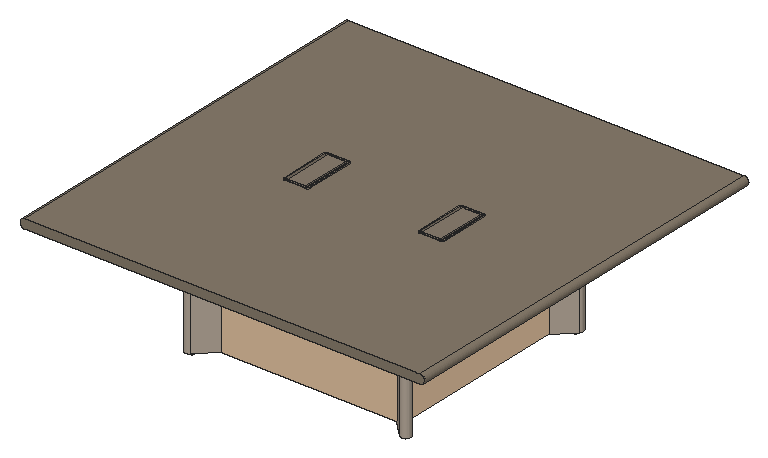
Revit family "Table-Teknion-CFSBFN_Figure_Table_Square_Gable_Enclosed_Base_Bullnose_Flat_Edge-R2023", category Furniture, Revit 2023
Family settings
  OmniClass Number = 23.40.20.00
  OmniClass Title = General Furniture and Specialties
  Work Plane-Based = No
  Enable Cutting in Views = No
  Always vertical = Yes
  Cut with Voids When Loaded = No
  Render Appearance Source = Family Geometry
  Shared = Yes
  Room Calculation Point = No
Parameters (values of type "Figure Table, Square, Gable Enclosed Base, Bullnose Flat Edge")
  Warranty = "http://www.teknion.com/ca/papers/legal-canada"
  Void Gap [instance] = if(Size > 66.000", 26.250", if(Size = 66.000", 23.500", 10.000"))  # 26.250"
  Unit Weight URL = "http://www.teknion.com/ca/tools/assets#&asset=bee6a381-b954-425e-8283-5a2de3a804f2,f828d448-4b62-4231-9e5f-9a8991c0ed77"
  URL = "www.teknion.com"
  Top Finish [instance] = Veneer -Teknion - UX - Rustic Oak - Brindle
  To render please download texture images found here [instance] = "https://assets.teknion.com/web/5e81352c1dfdb467/revit-material-swatches/"
  Sustainability Data = "https://www.teknion.com/ca/tools/assets#&topic=216f99a5-57a0-44fc-b10a-9dee9b29ae4c&asset=444deb64-fe58-4b68-981e-f75e97781df7,b4ff2d81-9f2e-437d-9659-7cffb09c31cf"
  Surface Power Access [instance] = yes
  Size [instance] = 90.000"
  Single Power Cut Out [instance] = if(Single Power, 2.250", 1.000")  # 1.000"
  Single Power [instance] = and(Surface Power Access, or(Size = 54.000", Size = 60.000"))  # no
  Series = "Custom Wood"  # constant formula
  Product Page URL = "https://www.teknion.com/ca/products/product-details?productLineId=f182336e-8e7a-673b-a6c8-ff00004460c4"
  Product Line = "Figure - Square Table"  # constant formula
  Product Documentation Link = "https://d2r72yk5wmppdj.cloudfront.net/m/7b6608f508e3c5a8/Community_Table_Cut_Sheet.pdf"
  Power Length [instance] = if(Size > 72.000", 11.820", 6.800")  # 11.820"
  Power Cover Finish [instance] = Paint - Teknion - Mica - Burnished Bronze
  Part Number = "CFSBFN"  # constant formula
  No Power Access [instance] = not(Surface Power Access)  # no
  Model = "CFSBFN__S__"
  Manufacturer Phone = "416-661-3370"  # constant formula
  Manufacturer Fax = "416.661.4586"  # constant formula
  Manufacturer Contact Information = "http://www.teknion.com/ca/contactus"
  Manufacturer Address = "1150 Flint Road, Toronto, ON. M3J 2J5. Canada"  # constant formula
  Manufacturer = "Teknion"  # constant formula
  How To Use Teknion Materials User Guide [instance] = "https://assets.teknion.com/m/205dd0a49fa58060/original/How-to-add-a-Material-Library-and-Texture-Images-to-your-Revit-project.pdf"
  For Additional Finishes please visit [instance] = "https://assets.teknion.com/m/44a8009b046e5d47/original/Teknion_Materials_Library.zip"
  Double Power Cut out [instance] = if(Double Power, 27.500", 10.000")  # 27.500"
  Double Power [instance] = and(Surface Power Access, Size > 60.000")  # yes
  Description = "Figure Table, Square, Gable Enclosed Base, Bullnose Flat Edge"
  Default Elevation = 0.000"
  Base Finish [instance] = Veneer-Teknion-LL-Natural_Veneer_V3-Silverwash_Flat_Cut
  Base Accent Finish [instance] = Veneer - Teknion - 5N - Flintwood - White Oak
  Available Size [instance] = "48\",54\",60\",66\",72\",78\",84\",90\""  # constant formula
  Assembly Code = "E2020200"
Reference planes (in)
  plane 1 "Center Front/Back": y = 0
  plane 2: z = 0
  plane 3 "Center Left/Right": x = 0
  plane 4 "Left": x = -45
  plane 5 "Right": x = 45
  plane 6 "Back": y = 45
  plane 7 "Front": y = -45
  plane 8 "Top": z = 29
  plane 9: x = -24
  plane 10: y = -24
  plane 11: x = 24
  plane 12: y = 24
Forms (in)
  Sweep 1, solid, material "Veneer -Teknion - UX - Rustic Oak - Brindle" <- "Top Finish"
    path origin (0, 0, 0) x (1, 0, 0) y (0, 1, 0)
      loop
        line (0, 45) -> (0, -45)
    profile origin (0, 0, 0) x (1, 0, 0) y (0, 0, 1)
      loop
        arc (-44, 29) -> (-45, 28) -> (-44, 27) r 1
        line (-44, 27) -> (44, 27)
        arc (44, 27) -> (45, 28) -> (44, 29) r 1
        line (44, 29) -> (-44, 29)
  Sweep 2, solid, material "Veneer -Teknion - UX - Rustic Oak - Brindle" <- "Top Finish"
    path origin (-64.19161, 45, 48) x (-1, 0, 0) y (0, 0, 1)
      loop
        line (-64.19161, -20.5) -> (-64.19161, -21.25)
    profile origin (0, 45, 27.125) x (0, 1, 0) y (-1, 0, 0)
      loop
        line (-8, 37) -> (-82, 37) -> (-82, -37) -> (-8, -37) -> (-8, 37)
  Sweep 3, void
    path origin (-64.19161, 45, 48) x (-1, 0, 0) y (0, 0, 1)
      loop
        line (-64.19161, -20.5) -> (-64.19161, -21)
    profile origin (0, 45, 27.25) x (0, 1, 0) y (-1, 0, 0)
      loop
        line (-6, 39) -> (-84, 39) -> (-84, -39) -> (-6, -39) -> (-6, 39)
  Sweep 4, void
    path origin (-64.19161, 45, 48) x (-1, 0, 0) y (0, 0, 1)
      loop
        line (-64.19161, -48) -> (-64.19161, -20.5)
    profile origin (0, 45, 13.75) x (1, 0, 0) y (0, 1, 0)
      loop
        line (-11.75, -36.5) -> (-18.25, -36.5)
        arc (-18.25, -36.5) -> (-18.60355, -36.64645) -> (-18.75, -37) r 0.5
        line (-18.75, -37) -> (-18.75, -53)
        arc (-18.75, -53) -> (-18.60355, -53.35355) -> (-18.25, -53.5) r 0.5
        line (-18.25, -53.5) -> (-11.75, -53.5)
        arc (-11.75, -53.5) -> (-11.39645, -53.35355) -> (-11.25, -53) r 0.5
        line (-11.25, -53) -> (-11.25, -37)
        arc (-11.25, -37) -> (-11.39645, -36.64645) -> (-11.75, -36.5) r 0.5
      loop
        arc (11.75, -36.5) -> (11.39645, -36.64645) -> (11.25, -37) r 0.5
        line (11.25, -37) -> (11.25, -53)
        arc (11.25, -53) -> (11.39645, -53.35355) -> (11.75, -53.5) r 0.5
        line (11.75, -53.5) -> (18.25, -53.5)
        arc (18.25, -53.5) -> (18.60355, -53.35355) -> (18.75, -53) r 0.5
        line (18.75, -53) -> (18.75, -37)
        arc (18.75, -37) -> (18.60355, -36.64645) -> (18.25, -36.5) r 0.5
        line (18.25, -36.5) -> (11.75, -36.5)
  Sweep 5, void
    path origin (-64.19161, 45, 48) x (-1, 0, 0) y (0, 0, 1)
      loop
        line (-64.19161, -19) -> (-64.19161, -20.5)
    profile origin (0, 45, 28.25) x (0, 1, 0) y (-1, 0, 0)
      loop
        line (-39.09, 12.6987) -> (-39.09, 17.3013)
        arc (-39.09, 17.3013) -> (-39.20531, 17.57969) -> (-39.4837, 17.695) r 0.3937
        line (-39.4837, 17.695) -> (-50.5163, 17.695)
        arc (-50.5163, 17.695) -> (-50.79469, 17.57969) -> (-50.91, 17.3013) r 0.3937
        line (-50.91, 17.3013) -> (-50.91, 12.6987)
        arc (-50.91, 12.6987) -> (-50.79469, 12.42031) -> (-50.5163, 12.305) r 0.3937
        line (-50.5163, 12.305) -> (-39.4837, 12.305)
        arc (-39.4837, 12.305) -> (-39.20531, 12.42031) -> (-39.09, 12.6987) r 0.3937
      loop
        arc (-39.09, -12.6987) -> (-39.20531, -12.42031) -> (-39.4837, -12.305) r 0.3937
        line (-39.4837, -12.305) -> (-50.5163, -12.305)
        arc (-50.5163, -12.305) -> (-50.79469, -12.42031) -> (-50.91, -12.6987) r 0.3937
        line (-50.91, -12.6987) -> (-50.91, -17.3013)
        arc (-50.91, -17.3013) -> (-50.79469, -17.57969) -> (-50.5163, -17.695) r 0.3937
        line (-50.5163, -17.695) -> (-39.4837, -17.695)
        arc (-39.4837, -17.695) -> (-39.20531, -17.57969) -> (-39.09, -17.3013) r 0.3937
        line (-39.09, -17.3013) -> (-39.09, -12.6987)
  Sweep 6, solid, material "Paint - Teknion - Mica - Burnished Bronze" <- "Power Cover Finish", visible <- "Double Power"
    path origin (0, 0, 0) x (1, 0, 0) y (0, 1, 0)
      loop
        line (17.3013, 5.91) -> (12.6987, 5.91)
        arc (12.6987, 5.91) -> (12.42031, 5.79469) -> (12.305, 5.5163) r 0.3937
        line (12.305, 5.5163) -> (12.305, -5.5163)
        arc (12.305, -5.5163) -> (12.42031, -5.79469) -> (12.6987, -5.91) r 0.3937
        line (12.6987, -5.91) -> (17.3013, -5.91)
        arc (17.3013, -5.91) -> (17.57969, -5.79469) -> (17.695, -5.5163) r 0.3937
        line (17.695, -5.5163) -> (17.695, 5.5163)
        arc (17.695, 5.5163) -> (17.57969, 5.79469) -> (17.3013, 5.91) r 0.3937
    profile origin (15, 5.91, 0) x (0, -1, 0) y (0, 0, 1)
      loop
        line (-0.005, 27.5) -> (0.18494, 27.5) -> (0.18494, 28.2441) -> (0.14161, 29.07087) -> (-0.10249, 29.07087) -> (-0.10249, 29) -> (-0.005, 29) -> (-0.005, 27.5)
  Sweep 7, solid, material "Paint - Teknion - Mica - Burnished Bronze" <- "Power Cover Finish", visible <- "Double Power"
    path origin (0, 0, 0) x (1, 0, 0) y (0, 1, 0)
      loop
        line (-12.6987, 5.91) -> (-17.3013, 5.91)
        arc (-17.3013, 5.91) -> (-17.57969, 5.79469) -> (-17.695, 5.5163) r 0.3937
        line (-17.695, 5.5163) -> (-17.695, -5.5163)
        arc (-17.695, -5.5163) -> (-17.57969, -5.79469) -> (-17.3013, -5.91) r 0.3937
        line (-17.3013, -5.91) -> (-12.6987, -5.91)
        arc (-12.6987, -5.91) -> (-12.42031, -5.79469) -> (-12.305, -5.5163) r 0.3937
        line (-12.305, -5.5163) -> (-12.305, 5.5163)
        arc (-12.305, 5.5163) -> (-12.42031, 5.79469) -> (-12.6987, 5.91) r 0.3937
    profile origin (-15, 5.91, 0) x (0, -1, 0) y (0, 0, 1)
      loop
        line (-0.13263, 29.07087) -> (-0.13263, 29) -> (-0.005, 29) -> (-0.005, 27.5) -> (0.15479, 27.5) -> (0.15479, 28.2441) -> (0.11146, 29.07087) -> (-0.13263, 29.07087)
  Sweep 8, solid, material "Paint - Teknion - Mica - Burnished Bronze" <- "Power Cover Finish", visible <- "Double Power"
    path origin (-64.19161, 45, 48) x (-1, 0, 0) y (0, 0, 1)
      loop
        line (-64.19161, -18.9685) -> (-64.19161, -19.12598)
    profile origin (0, 45, 28.95276) x (0, 1, 0) y (-1, 0, 0)
      loop
        arc (-39.31687, 16.85039) -> (-39.35111, 16.93304) -> (-39.43375, 16.96727) r 0.11687
        line (-39.43375, 16.96727) -> (-50.53611, 16.96727)
        arc (-50.53611, 16.96727) -> (-50.61875, 16.93304) -> (-50.65298, 16.85039) r 0.11687
        line (-50.65298, 16.85039) -> (-50.65298, 13.14961)
        arc (-50.65298, 13.14961) -> (-50.61875, 13.06696) -> (-50.53611, 13.03273) r 0.11687
        line (-50.53611, 13.03273) -> (-39.43375, 13.03273)
        arc (-39.43375, 13.03273) -> (-39.35111, 13.06696) -> (-39.31687, 13.14961) r 0.11687
        line (-39.31687, 13.14961) -> (-39.31687, 16.85039)
      loop
        arc (-39.31687, -13.14961) -> (-39.35111, -13.06696) -> (-39.43375, -13.03273) r 0.11687
        line (-39.43375, -13.03273) -> (-50.53611, -13.03273)
        arc (-50.53611, -13.03273) -> (-50.61875, -13.06696) -> (-50.65298, -13.14961) r 0.11687
        line (-50.65298, -13.14961) -> (-50.65298, -16.85039)
        arc (-50.65298, -16.85039) -> (-50.61875, -16.93304) -> (-50.53611, -16.96727) r 0.11687
        line (-50.53611, -16.96727) -> (-39.43375, -16.96727)
        arc (-39.43375, -16.96727) -> (-39.35111, -16.93304) -> (-39.31687, -16.85039) r 0.11687
        line (-39.31687, -16.85039) -> (-39.31687, -13.14961)
  Sweep 9, void
    path origin (-64.19161, 45, 48) x (-1, 0, 0) y (0, 0, 1)
      loop
        line (-64.19161, -19) -> (-64.19161, -20)
    profile origin (0, 45, 28.5) x (0, 1, 0) y (-1, 0, 0)
      loop
        arc (-53, 3.75) -> (-53.35355, 3.60355) -> (-53.5, 3.25) r 0.5
        line (-53.5, 3.25) -> (-53.5, -3.25)
        arc (-53.5, -3.25) -> (-53.35355, -3.60355) -> (-53, -3.75) r 0.5
        line (-53, -3.75) -> (-37, -3.75)
        arc (-37, -3.75) -> (-36.64645, -3.60355) -> (-36.5, -3.25) r 0.5
        line (-36.5, -3.25) -> (-36.5, 3.25)
        arc (-36.5, 3.25) -> (-36.64645, 3.60355) -> (-37, 3.75) r 0.5
        line (-37, 3.75) -> (-53, 3.75)
  Sweep 10, void
    path origin (-64.19161, 45, 48) x (-1, 0, 0) y (0, 0, 1)
      loop
        line (-64.19161, -19) -> (-64.19161, -20.5)
    profile origin (0, 45, 28.25) x (0, 1, 0) y (-1, 0, 0)
      loop
        arc (-39.09, 2.3013) -> (-39.20678, 2.58322) -> (-39.4887, 2.7) r 0.3987
        line (-39.4887, 2.7) -> (-50.5113, 2.7)
        arc (-50.5113, 2.7) -> (-50.79322, 2.58322) -> (-50.91, 2.3013) r 0.3987
        line (-50.91, 2.3013) -> (-50.91, -2.3013)
        arc (-50.91, -2.3013) -> (-50.79322, -2.58322) -> (-50.5113, -2.7) r 0.3987
        line (-50.5113, -2.7) -> (-39.4887, -2.7)
        arc (-39.4887, -2.7) -> (-39.20678, -2.58322) -> (-39.09, -2.3013) r 0.3987
        line (-39.09, -2.3013) -> (-39.09, 2.3013)
  Sweep 11, solid, material "Paint - Teknion - Mica - Burnished Bronze" <- "Power Cover Finish", visible <- "Single Power"
    path origin (0, 0, 0) x (1, 0, 0) y (0, 1, 0)
      loop
        line (2.3013, 5.91) -> (-2.3013, 5.91)
        arc (-2.3013, 5.91) -> (-2.58322, 5.79322) -> (-2.7, 5.5113) r 0.3987
        line (-2.7, 5.5113) -> (-2.7, -5.5113)
        arc (-2.7, -5.5113) -> (-2.58322, -5.79322) -> (-2.3013, -5.91) r 0.3987
        line (-2.3013, -5.91) -> (2.3013, -5.91)
        arc (2.3013, -5.91) -> (2.58322, -5.79322) -> (2.7, -5.5113) r 0.3987
        line (2.7, -5.5113) -> (2.7, 5.5113)
        arc (2.7, 5.5113) -> (2.58322, 5.79322) -> (2.3013, 5.91) r 0.3987
    profile origin (0, 5.91, 0) x (0, -1, 0) y (0, 0, 1)
      loop
        line (-0.13263, 29.07087) -> (-0.13263, 29) -> (-0.005, 29) -> (-0.005, 27.5) -> (0.15479, 27.5) -> (0.15479, 28.2441) -> (0.11146, 29.07087) -> (-0.13263, 29.07087)
  Sweep 12, solid, material "Paint - Teknion - Mica - Burnished Bronze" <- "Power Cover Finish", visible <- "Single Power"
    path origin (-64.19161, 45, 48) x (-1, 0, 0) y (0, 0, 1)
      loop
        line (-64.19161, -18.9685) -> (-64.19161, -19.12598)
    profile origin (0, 45, 28.95276) x (0, 1, 0) y (-1, 0, 0)
      loop
        arc (-50.53611, 1.96727) -> (-50.61875, 1.93304) -> (-50.65298, 1.85039) r 0.11687
        line (-50.65298, 1.85039) -> (-50.65298, -1.85039)
        arc (-50.65298, -1.85039) -> (-50.61875, -1.93304) -> (-50.53611, -1.96727) r 0.11687
        line (-50.53611, -1.96727) -> (-39.43375, -1.96727)
        arc (-39.43375, -1.96727) -> (-39.35111, -1.93304) -> (-39.31687, -1.85039) r 0.11687
        line (-39.31687, -1.85039) -> (-39.31687, 1.85039)
        arc (-39.31687, 1.85039) -> (-39.35111, 1.93304) -> (-39.43375, 1.96727) r 0.11687
        line (-39.43375, 1.96727) -> (-50.53611, 1.96727)
Cuts and joins
  Sweep 3, Sweep 5, Sweep 10 cuts Sweep 1
  Sweep 4, Sweep 9 cuts Sweep 2
Lines and regions (in)
  Masking region 1
    outline origin (0, 0, 0) x (1, 0, 0) y (0, 1, 0)
      loop
        line (-45, 45) -> (-45, -45) -> (45, -45) -> (45, 45) -> (-45, 45)
  symbolic lines, visible <- "Double Power"
    curve 1: line (-12.6987, 6.04263, 0) -> (-17.3013, 6.04263, 0)
    curve 2: line (-17.3013, 5.79854, 0) -> (-12.6987, 5.79854, 0)
    curve 3: line (-17.3013, 5.75521, 0) -> (-12.6987, 5.75521, 0)
    curve 4: line (-13.14961, 5.68313, 0) -> (-16.85039, 5.68313, 0)
    curve 5: line (-16.96727, 5.56625, 0) -> (-16.96727, -5.53611, 0)
    curve 6: line (-13.03273, -5.53611, 0) -> (-13.03273, 5.56625, 0)
    curve 7: line (-12.45979, 5.5163, 0) -> (-12.45979, -5.5163, 0)
    curve 8: line (-12.41646, -5.5163, 0) -> (-12.41646, 5.5163, 0)
    curve 9: line (-12.17237, -5.5163, 0) -> (-12.17237, 5.5163, 0)
    curve 10: line (-17.54021, -5.5163, 0) -> (-17.54021, 5.5163, 0)
    curve 11: line (-17.58354, 5.5163, 0) -> (-17.58354, -5.5163, 0)
    curve 12: line (-17.82763, 5.5163, 0) -> (-17.82763, -5.5163, 0)
    curve 13: line (-16.85039, -5.65298, 0) -> (-13.14961, -5.65298, 0)
    curve 14: line (-12.6987, -5.75521, 0) -> (-17.3013, -5.75521, 0)
    curve 15: line (-17.3013, -5.79854, 0) -> (-12.6987, -5.79854, 0)
    curve 16: line (-17.3013, -6.04263, 0) -> (-12.6987, -6.04263, 0)
    curve 17: arc (-16.96727, -5.53611, 0) -> (-16.93304, -5.61875, 0) -> (-16.85039, -5.65298, 0) r 0.11687
    curve 18: arc (-17.58354, -5.5163, 0) -> (-17.50087, -5.71587, 0) -> (-17.3013, -5.79854, 0) r 0.28224
    curve 19: arc (-17.82763, -5.5163, 0) -> (-17.67347, -5.88847, 0) -> (-17.3013, -6.04263, 0) r 0.52633
    curve 20: arc (-13.14961, -5.65298, 0) -> (-13.06696, -5.61875, 0) -> (-13.03273, -5.53611, 0) r 0.11687
    curve 21: arc (-12.6987, -5.75521, 0) -> (-12.52977, -5.68523, 0) -> (-12.45979, -5.5163, 0) r 0.23891
    curve 22: arc (-12.6987, -5.79854, 0) -> (-12.49913, -5.71587, 0) -> (-12.41646, -5.5163, 0) r 0.28224
    curve 23: arc (-12.6987, -6.04263, 0) -> (-12.32653, -5.88847, 0) -> (-12.17237, -5.5163, 0) r 0.52633
    curve 24: arc (-13.03273, 5.56625, 0) -> (-13.06696, 5.64889, 0) -> (-13.14961, 5.68313, 0) r 0.11687
    curve 25: arc (-12.45979, 5.5163, 0) -> (-12.52977, 5.68523, 0) -> (-12.6987, 5.75521, 0) r 0.23891
    curve 26: arc (-12.41646, 5.5163, 0) -> (-12.49913, 5.71587, 0) -> (-12.6987, 5.79854, 0) r 0.28224
    curve 27: arc (-12.17237, 5.5163, 0) -> (-12.32653, 5.88847, 0) -> (-12.6987, 6.04263, 0) r 0.52633
    curve 28: arc (-16.85039, 5.68313, 0) -> (-16.93304, 5.64889, 0) -> (-16.96727, 5.56625, 0) r 0.11687
    curve 29: arc (-17.3013, 5.75521, 0) -> (-17.47023, 5.68523, 0) -> (-17.54021, 5.5163, 0) r 0.23891
    curve 30: arc (-17.3013, 5.79854, 0) -> (-17.50087, 5.71587, 0) -> (-17.58354, 5.5163, 0) r 0.28224
    curve 31: arc (-17.3013, 6.04263, 0) -> (-17.67347, 5.88847, 0) -> (-17.82763, 5.5163, 0) r 0.52633
    curve 32: arc (-17.54021, -5.5163, 0) -> (-17.47023, -5.68523, 0) -> (-17.3013, -5.75521, 0) r 0.23891
    curve 33: line (17.3013, 6.01249, 0) -> (12.6987, 6.01249, 0)
    curve 34: line (12.6987, 5.72506, 0) -> (17.3013, 5.72506, 0)
    curve 35: line (12.6987, 5.76839, 0) -> (17.3013, 5.76839, 0)
    curve 36: line (16.85039, 5.68313, 0) -> (13.14961, 5.68313, 0)
    curve 37: line (12.20251, 5.5163, 0) -> (12.20251, -5.5163, 0)
    curve 38: line (12.44661, 5.5163, 0) -> (12.44661, -5.5163, 0)
    curve 39: line (12.48994, -5.5163, 0) -> (12.48994, 5.5163, 0)
    curve 40: line (13.03273, 5.56625, 0) -> (13.03273, -5.53611, 0)
    curve 41: line (16.96727, -5.53611, 0) -> (16.96727, 5.56625, 0)
    curve 42: line (17.51006, 5.5163, 0) -> (17.51006, -5.5163, 0)
    curve 43: line (17.55339, -5.5163, 0) -> (17.55339, 5.5163, 0)
    curve 44: line (17.79749, -5.5163, 0) -> (17.79749, 5.5163, 0)
    curve 45: line (13.14961, -5.65298, 0) -> (16.85039, -5.65298, 0)
    curve 46: line (17.3013, -5.72506, 0) -> (12.6987, -5.72506, 0)
    curve 47: line (12.6987, -5.76839, 0) -> (17.3013, -5.76839, 0)
    curve 48: line (12.6987, -6.01249, 0) -> (17.3013, -6.01249, 0)
    curve 49: arc (12.20251, -5.5163, 0) -> (12.34784, -5.86716, 0) -> (12.6987, -6.01249, 0) r 0.49619
    curve 50: arc (12.44661, -5.5163, 0) -> (12.52044, -5.69456, 0) -> (12.6987, -5.76839, 0) r 0.25209
    curve 51: arc (12.48994, -5.5163, 0) -> (12.55108, -5.66392, 0) -> (12.6987, -5.72506, 0) r 0.20877
    curve 52: arc (13.03273, -5.53611, 0) -> (13.06696, -5.61875, 0) -> (13.14961, -5.65298, 0) r 0.11687
    curve 53: arc (16.85039, -5.65298, 0) -> (16.93304, -5.61875, 0) -> (16.96727, -5.53611, 0) r 0.11687
    curve 54: arc (17.3013, -5.72506, 0) -> (17.44892, -5.66392, 0) -> (17.51006, -5.5163, 0) r 0.20877
    curve 55: arc (17.3013, -5.76839, 0) -> (17.47956, -5.69456, 0) -> (17.55339, -5.5163, 0) r 0.25209
    curve 56: arc (17.3013, -6.01249, 0) -> (17.65216, -5.86716, 0) -> (17.79749, -5.5163, 0) r 0.49619
    curve 57: arc (16.96727, 5.56625, 0) -> (16.93304, 5.64889, 0) -> (16.85039, 5.68313, 0) r 0.11687
    curve 58: arc (17.51006, 5.5163, 0) -> (17.44892, 5.66392, 0) -> (17.3013, 5.72506, 0) r 0.20877
    curve 59: arc (17.55339, 5.5163, 0) -> (17.47956, 5.69456, 0) -> (17.3013, 5.76839, 0) r 0.25209
    curve 60: arc (17.79749, 5.5163, 0) -> (17.65216, 5.86716, 0) -> (17.3013, 6.01249, 0) r 0.49619
    curve 61: arc (13.14961, 5.68313, 0) -> (13.06696, 5.64889, 0) -> (13.03273, 5.56625, 0) r 0.11687
    curve 62: arc (12.6987, 5.72506, 0) -> (12.55108, 5.66392, 0) -> (12.48994, 5.5163, 0) r 0.20877
    curve 63: arc (12.6987, 5.76839, 0) -> (12.52044, 5.69456, 0) -> (12.44661, 5.5163, 0) r 0.25209
    curve 64: arc (12.6987, 6.01249, 0) -> (12.34784, 5.86716, 0) -> (12.20251, 5.5163, 0) r 0.49619
  symbolic lines, visible <- "Single Power"
    curve 65: line (2.3013, 6.04263, 0) -> (-2.3013, 6.04263, 0)
    curve 66: line (-2.3013, 5.79854, 0) -> (2.3013, 5.79854, 0)
    curve 67: line (-2.3013, 5.75521, 0) -> (2.3013, 5.75521, 0)
    curve 68: line (1.85039, 5.68313, 0) -> (-1.85039, 5.68313, 0)
    curve 69: line (-2.83263, 5.5113, 0) -> (-2.83263, -5.5113, 0)
    curve 70: line (-2.58854, -5.5113, 0) -> (-2.58854, 5.5113, 0)
    curve 71: line (-2.54521, -5.5113, 0) -> (-2.54521, 5.5113, 0)
    curve 72: line (-1.96727, 5.56625, 0) -> (-1.96727, -5.53611, 0)
    curve 73: line (1.96727, -5.53611, 0) -> (1.96727, 5.56625, 0)
    curve 74: line (2.54521, 5.5113, 0) -> (2.54521, -5.5113, 0)
    curve 75: line (2.58854, 5.5113, 0) -> (2.58854, -5.5113, 0)
    curve 76: line (2.83263, -5.5113, 0) -> (2.83263, 5.5113, 0)
    curve 77: line (-1.85039, -5.65298, 0) -> (1.85039, -5.65298, 0)
    curve 78: line (2.3013, -5.75521, 0) -> (-2.3013, -5.75521, 0)
    curve 79: line (2.3013, -5.79854, 0) -> (-2.3013, -5.79854, 0)
    curve 80: line (-2.3013, -6.04263, 0) -> (2.3013, -6.04263, 0)
    curve 81: arc (-2.83263, -5.5113, 0) -> (-2.67701, -5.88701, 0) -> (-2.3013, -6.04263, 0) r 0.53133
    curve 82: arc (-2.3013, -5.79854, 0) -> (-2.50441, -5.71441, 0) -> (-2.58854, -5.5113, 0) r 0.28724
    curve 83: arc (-2.54521, -5.5113, 0) -> (-2.47377, -5.68377, 0) -> (-2.3013, -5.75521, 0) r 0.24391
    curve 84: arc (-1.96727, -5.53611, 0) -> (-1.93304, -5.61875, 0) -> (-1.85039, -5.65298, 0) r 0.11687
    curve 85: arc (1.85039, -5.65298, 0) -> (1.93304, -5.61875, 0) -> (1.96727, -5.53611, 0) r 0.11687
    curve 86: arc (2.3013, -5.75521, 0) -> (2.47377, -5.68377, 0) -> (2.54521, -5.5113, 0) r 0.24391
    curve 87: arc (2.58854, -5.5113, 0) -> (2.50441, -5.71441, 0) -> (2.3013, -5.79854, 0) r 0.28724
    curve 88: arc (2.3013, -6.04263, 0) -> (2.67701, -5.88701, 0) -> (2.83263, -5.5113, 0) r 0.53133
    curve 89: arc (1.96727, 5.56625, 0) -> (1.93304, 5.64889, 0) -> (1.85039, 5.68313, 0) r 0.11687
    curve 90: arc (2.54521, 5.5113, 0) -> (2.47377, 5.68377, 0) -> (2.3013, 5.75521, 0) r 0.24391
    curve 91: arc (2.3013, 5.79854, 0) -> (2.50441, 5.71441, 0) -> (2.58854, 5.5113, 0) r 0.28724
    curve 92: arc (2.83263, 5.5113, 0) -> (2.67701, 5.88701, 0) -> (2.3013, 6.04263, 0) r 0.53133
    curve 93: arc (-1.85039, 5.68313, 0) -> (-1.93304, 5.64889, 0) -> (-1.96727, 5.56625, 0) r 0.11687
    curve 94: arc (-2.3013, 5.75521, 0) -> (-2.47377, 5.68377, 0) -> (-2.54521, 5.5113, 0) r 0.24391
    curve 95: arc (-2.58854, 5.5113, 0) -> (-2.50441, 5.71441, 0) -> (-2.3013, 5.79854, 0) r 0.28724
    curve 96: arc (-2.3013, 6.04263, 0) -> (-2.67701, 5.88701, 0) -> (-2.83263, 5.5113, 0) r 0.53133
  symbolic lines, style "FurnitureHiddenLines", detail levels medium+fine
    curve 97: line (-39, 39, 0) -> (39, 39, 0)
    curve 98: line (-39, -39, 0) -> (-39, 39, 0)
    curve 99: line (39, -39, 0) -> (-39, -39, 0)
    curve 100: line (39, 39, 0) -> (39, -39, 0)
    curve 101: line (-37, 37, 0) -> (37, 37, 0)
    curve 102: line (-37, -37, 0) -> (-37, 37, 0)
    curve 103: line (37, -37, 0) -> (-37, -37, 0)
    curve 104: line (37, 37, 0) -> (37, -37, 0)
  symbolic lines, style "FurnitureHiddenLines", visible <- "Double Power", detail levels medium+fine
    curve 105: line (-11.75, 8.5, 0) -> (-18.25, 8.5, 0)
    curve 106: line (-18.75, 8, 0) -> (-18.75, -8, 0)
    curve 107: line (-18.25, -8.5, 0) -> (-11.75, -8.5, 0)
    curve 108: line (-11.25, -8, 0) -> (-11.25, 8, 0)
    curve 109: arc (-18.25, -8.5, 0) -> (-18.60355, -8.35355, 0) -> (-18.75, -8, 0) r 0.5
    curve 110: arc (-11.25, -8, 0) -> (-11.39645, -8.35355, 0) -> (-11.75, -8.5, 0) r 0.5
    curve 111: arc (-18.75, 8, 0) -> (-18.60355, 8.35355, 0) -> (-18.25, 8.5, 0) r 0.5
    curve 112: arc (-11.75, 8.5, 0) -> (-11.39645, 8.35355, 0) -> (-11.25, 8, 0) r 0.5
    curve 121: line (18.25, 8.5, 0) -> (11.75, 8.5, 0)
    curve 122: line (11.75, -8.5, 0) -> (18.25, -8.5, 0)
    curve 123: line (11.25, 8, 0) -> (11.25, -8, 0)
    curve 124: line (18.75, -8, 0) -> (18.75, 8, 0)
    curve 125: arc (18.25, 8.5, 0) -> (18.60355, 8.35355, 0) -> (18.75, 8, 0) r 0.5
    curve 126: arc (11.25, 8, 0) -> (11.39645, 8.35355, 0) -> (11.75, 8.5, 0) r 0.5
    curve 127: arc (11.75, -8.5, 0) -> (11.39645, -8.35355, 0) -> (11.25, -8, 0) r 0.5
    curve 128: arc (18.75, -8, 0) -> (18.60355, -8.35355, 0) -> (18.25, -8.5, 0) r 0.5
  symbolic lines, style "FurnitureHiddenLines", visible <- "Single Power", detail levels medium+fine
    curve 113: line (-3.75, 8, 0) -> (-3.75, -8, 0)
    curve 114: line (-3.25, -8.5, 0) -> (3.25, -8.5, 0)
    curve 115: line (3.75, -8, 0) -> (3.75, 8, 0)
    curve 116: arc (-3.75, -8, 0) -> (-3.60355, -8.35355, 0) -> (-3.25, -8.5, 0) r 0.5
    curve 117: arc (3.25, -8.5, 0) -> (3.60355, -8.35355, 0) -> (3.75, -8, 0) r 0.5
    curve 118: line (3.25, 8.5, 0) -> (-3.25, 8.5, 0)
    curve 119: arc (-3.25, 8.5, 0) -> (-3.60355, 8.35355, 0) -> (-3.75, 8, 0) r 0.5
    curve 120: arc (3.75, 8, 0) -> (3.60355, 8.35355, 0) -> (3.25, 8.5, 0) r 0.5
  reference lines
    curve 129: line (-45, 45, 0) -> (-45, -45, 0)
    curve 130: line (45, 45, 0) -> (45, -45, 0)
    curve 131: line (-45, 45, 0) -> (45, 45, 0)
    curve 132: line (-45, -45, 0) -> (45, -45, 0)
Dimensions and locks (in)
  "Size": plane 4 "Left" to plane 5 "Right"
  "Size": plane 6 "Back" to plane 7 "Front"
  plane 8 "Top" to level = 29.000"
  equal spacing: plane 6 "Back", plane 1 "Center Front/Back", plane 7 "Front"
  equal spacing: plane 4 "Left", plane 3 "Center Left/Right", plane 5 "Right"
  locked: Sweep 1 sketch curve to Sweep 1 sketch curve at 2
  locked: Sweep 1 sketch curve to plane 4 "Left" at 1
  locked: Sweep 1 sketch curve to plane 5 "Right" at 1
  plane 8 "Top" to Sweep 2 sketch curve to Sweep 2 sketch curve = 1.500" locked, 0.750" locked
  locked: plane 4 "Left" to Sweep 2 sketch curve at 8
  locked: Sweep 2 sketch curve to plane 5 "Right" at 8
  locked: plane 6 "Back" to Sweep 2 sketch curve at 8
  locked: plane 7 "Front" to Sweep 2 sketch curve at 8
  Sweep 3 sketch curve to Sweep 3 sketch curve to plane 8 "Top" = 0.500" locked, 1.500" locked
  locked: plane 4 "Left" to Sweep 3 sketch curve at 6
  locked: Sweep 3 sketch curve to plane 5 "Right" at 6
  locked: plane 6 "Back" to Sweep 3 sketch curve at 6
  locked: plane 7 "Front" to Sweep 3 sketch curve at 6
  Sweep 4 sketch curve to plane 1 "Center Front/Back" to Sweep 4 sketch curve = 8.500" locked, 8.500" locked
  locked: Sweep 5 sketch curve to Sweep 5 sketch curve at 1.5
  equal spacing: Sweep 5 sketch curve, plane 1 "Center Front/Back", Sweep 5 sketch curve
  "Power Length": Sweep 5 sketch curve to Sweep 5 sketch curve
  Sweep 6 sketch curve to Sweep 6 sketch curve to Sweep 6 sketch curve = 0.7559" locked, 0.07087" locked
  Sweep 6 sketch curve to Sweep 6 sketch curve to Sweep 6 sketch curve = 0.09749" locked, 0.18994" locked
  Sweep 7 sketch curve to Sweep 7 sketch curve to Sweep 7 sketch curve = 0.15979" locked, 0.12763" locked
  Sweep 8 sketch curve to plane 8 "Top" to Sweep 8 sketch curve = 0.0315" locked, 0.12598" locked
  Sweep 9 sketch curve to plane 3 "Center Left/Right" to Sweep 9 sketch curve = 3.750" locked, 3.750" locked
  Sweep 9 sketch curve to plane 1 "Center Front/Back" to Sweep 9 sketch curve = 8.500" locked, 8.500" locked
  Sweep 10 sketch curve to plane 3 "Center Left/Right" to Sweep 10 sketch curve = 2.700" locked, 2.700" locked
  equal spacing: Sweep 10 sketch curve, plane 1 "Center Front/Back", Sweep 10 sketch curve
  "Power Length": Sweep 10 sketch curve to Sweep 10 sketch curve
  Sweep 11 sketch curve to Sweep 11 sketch curve to Sweep 11 sketch curve = 0.11646" locked, 0.12763" locked
  Sweep 12 sketch curve to plane 8 "Top" to Sweep 12 sketch curve = 0.0315" locked, 0.12598" locked
  Sweep 12 sketch curve to plane 3 "Center Left/Right" to Sweep 12 sketch curve = 1.96727" locked, 1.96727" locked
  locked: Sweep 11 to Sweep 12 sketch curve at 0.3595
  locked: Sweep 11 to Sweep 12 sketch curve at 0.38965
  locked: Sweep 4 sketch curve to Sweep 4 sketch curve at 7.5  (x2)
  "Void Gap": plane 4 "Left" to Sweep 4 sketch curve
  "Void Gap": Sweep 4 sketch curve to plane 5 "Right"
  locked: Sweep 5 sketch curve to Sweep 5 sketch curve at 5.39  (x2)
  locked: Sweep 7 to Sweep 8 sketch curve at 0.3595
  locked: Sweep 7 to Sweep 8 sketch curve at 0.38965
  locked: Sweep 7 to Sweep 8 sketch curve at 0.86036
  locked: Sweep 8 sketch curve to Sweep 7 at 0.86036
  locked: Sweep 6 to Sweep 8 sketch curve at 0.83022
  locked: Sweep 8 sketch curve to Sweep 6 at 0.83022
  "Double Power Cut out": Sweep 4 sketch curve to Sweep 4 sketch curve
  locked: Sweep 4 to Sweep 5 sketch curve at 1.055
  locked: Sweep 5 sketch curve to Sweep 4 at 1.055
  "Single Power Cut Out": Sweep 9 sketch curve to Sweep 9 sketch curve
  locked: Sweep 7 sketch curve to Sweep 7 sketch curve at 0.07087
  aligned and locked: level to plane 2
  aligned and locked: Sweep 1 sketch curve to plane 3 "Center Left/Right"
  aligned and locked: plane 6 "Back" to Sweep 1 sketch curve
  aligned and locked: plane 7 "Front" to Sweep 1 sketch curve
  aligned and locked: Sweep 1 sketch curve to plane 8 "Top"
  aligned and locked: Sweep 3 sketch curve to plane 3 "Center Left/Right"
  aligned and locked: plane 3 "Center Left/Right" to Sweep 4 sketch curve
  aligned and locked: Sweep 4 sketch curve to Sweep 4 sketch curve  (x2)
  aligned and locked: Sweep 5 sketch curve to plane 3 "Center Left/Right"
  aligned and locked: plane 8 "Top" to Sweep 5 sketch curve
  aligned and locked: Sweep 5 sketch curve to Sweep 5 sketch curve  (x2)
  aligned and locked: Sweep 6 sketch curve to plane 8 "Top"
  aligned and locked: cut or joined group of Sweep 1, Sweep 3, Sweep 5, Sweep 10 to Sweep 6 sketch curve
  aligned and locked: plane 8 "Top" to Sweep 7 sketch curve
  aligned and locked: cut or joined group of Sweep 1, Sweep 3, Sweep 5, Sweep 10 to Sweep 7 sketch curve
  aligned and locked: Sweep 8 sketch curve to plane 3 "Center Left/Right"
  aligned and locked: Sweep 9 sketch curve to plane 3 "Center Left/Right"
  aligned and locked: Sweep 10 sketch curve to plane 3 "Center Left/Right"
  aligned and locked: Sweep 11 sketch curve to Sweep 10  (x4)
  aligned and locked: plane 8 "Top" to Sweep 11 sketch curve
  aligned and locked: Sweep 7 sketch curve to Sweep 5  (x4)
  aligned and locked: Sweep 6 sketch curve to Sweep 5  (x4)
  aligned and locked: Sweep 8 sketch curve to Sweep 8 sketch curve  (x2)
  aligned and locked: plane 2 to Sweep 4 sketch curve
  aligned and locked: Sweep 11 sketch curve to cut or joined group of Sweep 1, Sweep 3, Sweep 5, Sweep 10
  aligned and locked: cut or joined group of Sweep 1, Sweep 3, Sweep 5, Sweep 10 to Sweep 10 sketch curve
  aligned and locked: plane 8 "Top" to Sweep 9 sketch curve
  aligned and locked: Masking region 1 sketch curve to plane 6 "Back"
  aligned and locked: plane 4 "Left" to Masking region 1 sketch curve
  aligned and locked: Masking region 1 sketch curve to plane 7 "Front"
  aligned and locked: plane 5 "Right" to Masking region 1 sketch curve
  aligned and locked: curve 17 to Sweep 8
  aligned and locked: curve 18 to Sweep 7
  aligned and locked: curve 19 to Sweep 7
  aligned and locked: curve 20 to Sweep 8
  aligned and locked: curve 21 to Sweep 7
  aligned and locked: curve 22 to Sweep 7
  aligned and locked: curve 23 to Sweep 7
  aligned and locked: curve 24 to Sweep 8
  aligned and locked: curve 25 to Sweep 7
  aligned and locked: curve 26 to Sweep 7
  aligned and locked: curve 27 to Sweep 7
  aligned and locked: curve 28 to Sweep 8
  aligned and locked: curve 29 to Sweep 7
  aligned and locked: curve 30 to Sweep 7
  aligned and locked: curve 31 to Sweep 7
  aligned and locked: curve 32 to Sweep 7
  aligned and locked: curve 49 to Sweep 6
  aligned and locked: curve 50 to Sweep 6
  aligned and locked: curve 51 to Sweep 6
  aligned and locked: curve 52 to Sweep 8
  aligned and locked: curve 53 to Sweep 8
  aligned and locked: curve 54 to Sweep 6
  aligned and locked: curve 55 to Sweep 6
  aligned and locked: curve 56 to Sweep 6
  aligned and locked: curve 57 to Sweep 8
  aligned and locked: curve 58 to Sweep 6
  aligned and locked: curve 59 to Sweep 6
  aligned and locked: curve 60 to Sweep 6
  aligned and locked: curve 61 to Sweep 8
  aligned and locked: curve 62 to Sweep 6
  aligned and locked: curve 63 to Sweep 6
  aligned and locked: curve 64 to Sweep 6
  aligned and locked: curve 81 to Sweep 11
  aligned and locked: curve 82 to Sweep 11
  aligned and locked: curve 83 to Sweep 11
  aligned and locked: curve 84 to Sweep 12
  aligned and locked: curve 85 to Sweep 12
  aligned and locked: curve 86 to Sweep 11
  aligned and locked: curve 87 to Sweep 11
  aligned and locked: curve 88 to Sweep 11
  aligned and locked: curve 89 to Sweep 12
  aligned and locked: curve 90 to Sweep 11
  aligned and locked: curve 91 to Sweep 11
  aligned and locked: curve 92 to Sweep 11
  aligned and locked: curve 93 to Sweep 12
  aligned and locked: curve 94 to Sweep 11
  aligned and locked: curve 95 to Sweep 11
  aligned and locked: curve 96 to Sweep 11
  aligned and locked: curve 97 to cut or joined group of Sweep 1, Sweep 3, Sweep 5, Sweep 10
  aligned and locked: curve 98 to cut or joined group of Sweep 1, Sweep 3, Sweep 5, Sweep 10
  aligned and locked: curve 99 to cut or joined group of Sweep 1, Sweep 3, Sweep 5, Sweep 10
  aligned and locked: curve 100 to cut or joined group of Sweep 1, Sweep 3, Sweep 5, Sweep 10
  aligned and locked: curve 101 to cut or joined group of Sweep 2, Sweep 4, Sweep 9
  aligned and locked: curve 102 to cut or joined group of Sweep 2, Sweep 4, Sweep 9
  aligned and locked: curve 103 to cut or joined group of Sweep 2, Sweep 4, Sweep 9
  aligned and locked: curve 104 to cut or joined group of Sweep 2, Sweep 4, Sweep 9
  aligned and locked: curve 109 to Sweep 4
  aligned and locked: curve 110 to Sweep 4
  aligned and locked: curve 111 to Sweep 4
  aligned and locked: curve 112 to Sweep 4
  aligned and locked: curve 116 to Sweep 9
  aligned and locked: curve 117 to Sweep 9
  aligned and locked: curve 119 to Sweep 9
  aligned and locked: curve 120 to Sweep 9
  aligned and locked: curve 125 to Sweep 4
  aligned and locked: curve 126 to Sweep 4
  aligned and locked: curve 127 to Sweep 4
  aligned and locked: curve 128 to Sweep 4
  aligned and locked: Sweep 2 sketch curve to plane 3 "Center Left/Right"
  aligned and locked: Sweep 12 sketch curve to plane 3 "Center Left/Right"
  aligned and locked: plane 1 "Center Front/Back" to nested 1
  aligned and locked: plane 3 "Center Left/Right" to nested 1
  aligned and locked: nested 1 to plane 2
  aligned and locked: curve 129 to plane 4 "Left"
  aligned and locked: curve 130 to plane 5 "Right"
  aligned and locked: curve 131 to plane 6 "Back"
  aligned and locked: curve 132 to plane 7 "Front"
  aligned and locked: plane 1 "Center Front/Back" to nested 10
  aligned and locked: plane 3 "Center Left/Right" to nested 10
Automatic sketch dimensions
  Sweep 6 sketch curve to profile plane = 0.14161"
  profile plane to Sweep 6 sketch curve = 0.005"
  Sweep 7 sketch curve to profile plane = 0.11146"
  profile plane to Sweep 7 sketch curve = 0.005"
  Sweep 7 sketch curve to Sweep 7 sketch curve = 0.7441"
  Sweep 9 sketch curve to Sweep 9 sketch curve = 0.500"  (x3)
  Sweep 9 sketch curve to Sweep 9 sketch curve = 0.000"
  Sweep 12 sketch curve to Sweep 12 sketch curve = 0.11687"  (x3)
  Sweep 12 sketch curve to Sweep 12 sketch curve = 0.000"
  Sweep 8 sketch curve to Sweep 8 sketch curve = 0.11687"  (x6)
  Sweep 8 sketch curve to Sweep 8 sketch curve = 0.000"  (x2)
  profile plane to Sweep 11 sketch curve = 0.13263"
  Sweep 11 sketch curve to Sweep 11 sketch curve = 0.07087"
  Sweep 11 sketch curve to profile plane = 0.15479"
  Sweep 11 sketch curve to Sweep 11 sketch curve = 0.7441"
  Sweep 10 sketch curve to plane 8 "Top" = 0.000"
  Sweep 2 sketch curve to plane 3 "Center Left/Right" = 0.000"
  Sweep 12 sketch curve to plane 3 "Center Left/Right" = 0.000"
  Sweep 4 sketch curve to Sweep 4 sketch curve = 0.500"  (x8)
  Sweep 5 sketch curve to Sweep 5 sketch curve = 0.3937"  (x8)
  Sweep 10 sketch curve to Sweep 10 sketch curve = 0.3987"  (x4)
Nested families (in)
  nested 1: "Base" at (0, 0, 0), Size <- "Size", Base Finish <- "Base Finish", Base Accent Finish <- "Base Accent Finish", type "Gable Enclosed Base"
    with Width 74.000", Top Cutout 27.456", To render please download texture images found here "https://assets.teknion.com/web/5e81352c1dfdb467/revit-material-swatches/", Size 90.000", How To Use Teknion Materials User Guide "https://assets.teknion.com/m/205dd0a49fa58060/original/How-to-add-a-Material-Library-and-Texture-Images-to-your-Revit-project.pdf", Glide Finish Paint - Teknion - 52 - Ebony, Glide Dim 2 47.376", Glide Dim 17.657", For Additional Finishes please visit "https://assets.teknion.com/m/44a8009b046e5d47/original/Teknion_Materials_Library.zip", Bottom Cutout 18.971", Base Size 42.000", Base Finish Veneer-Teknion-LL-Natural_Veneer_V3-Silverwash_Flat_Cut, Base Accent Finish Veneer - Teknion - 5N - Flintwood - White Oak, Available Size "48\", 54\", 60\", 66\", 72\", 78\", 84\", 90\""
  nested 2: "Family2" at (8.8285, -8.8285, 0), type "Glide"
    with To render please download texture images found here "https://assets.teknion.com/web/5e81352c1dfdb467/revit-material-swatches/", How To Use Teknion Materials User Guide "https://assets.teknion.com/m/205dd0a49fa58060/original/How-to-add-a-Material-Library-and-Texture-Images-to-your-Revit-project.pdf", Glide Finish Paint - Teknion - 52 - Ebony, For Additional Finishes please visit "https://assets.teknion.com/m/44a8009b046e5d47/original/Teknion_Materials_Library.zip"
  nested 3: "Family2" at (8.8285, 8.8285, 0), type "Glide"
    with To render please download texture images found here "https://assets.teknion.com/web/5e81352c1dfdb467/revit-material-swatches/", How To Use Teknion Materials User Guide "https://assets.teknion.com/m/205dd0a49fa58060/original/How-to-add-a-Material-Library-and-Texture-Images-to-your-Revit-project.pdf", Glide Finish Paint - Teknion - 52 - Ebony, For Additional Finishes please visit "https://assets.teknion.com/m/44a8009b046e5d47/original/Teknion_Materials_Library.zip"
  nested 4: "Family2" at (-8.8285, -8.8285, 0), type "Glide"
    with To render please download texture images found here "https://assets.teknion.com/web/5e81352c1dfdb467/revit-material-swatches/", How To Use Teknion Materials User Guide "https://assets.teknion.com/m/205dd0a49fa58060/original/How-to-add-a-Material-Library-and-Texture-Images-to-your-Revit-project.pdf", Glide Finish Paint - Teknion - 52 - Ebony, For Additional Finishes please visit "https://assets.teknion.com/m/44a8009b046e5d47/original/Teknion_Materials_Library.zip"
  nested 5: "Family2" at (-8.8285, 8.8285, 0), type "Glide"
    with To render please download texture images found here "https://assets.teknion.com/web/5e81352c1dfdb467/revit-material-swatches/", How To Use Teknion Materials User Guide "https://assets.teknion.com/m/205dd0a49fa58060/original/How-to-add-a-Material-Library-and-Texture-Images-to-your-Revit-project.pdf", Glide Finish Paint - Teknion - 52 - Ebony, For Additional Finishes please visit "https://assets.teknion.com/m/44a8009b046e5d47/original/Teknion_Materials_Library.zip"
  nested 6: "Family2" at (23.688, -23.688, 0), type "Glide"
    with To render please download texture images found here "https://assets.teknion.com/web/5e81352c1dfdb467/revit-material-swatches/", How To Use Teknion Materials User Guide "https://assets.teknion.com/m/205dd0a49fa58060/original/How-to-add-a-Material-Library-and-Texture-Images-to-your-Revit-project.pdf", Glide Finish Paint - Teknion - 52 - Ebony, For Additional Finishes please visit "https://assets.teknion.com/m/44a8009b046e5d47/original/Teknion_Materials_Library.zip"
  nested 7: "Family2" at (-23.688, -23.688, 0), type "Glide"
    with To render please download texture images found here "https://assets.teknion.com/web/5e81352c1dfdb467/revit-material-swatches/", How To Use Teknion Materials User Guide "https://assets.teknion.com/m/205dd0a49fa58060/original/How-to-add-a-Material-Library-and-Texture-Images-to-your-Revit-project.pdf", Glide Finish Paint - Teknion - 52 - Ebony, For Additional Finishes please visit "https://assets.teknion.com/m/44a8009b046e5d47/original/Teknion_Materials_Library.zip"
  nested 8: "Family2" at (-23.688, 23.688, 0), type "Glide"
    with To render please download texture images found here "https://assets.teknion.com/web/5e81352c1dfdb467/revit-material-swatches/", How To Use Teknion Materials User Guide "https://assets.teknion.com/m/205dd0a49fa58060/original/How-to-add-a-Material-Library-and-Texture-Images-to-your-Revit-project.pdf", Glide Finish Paint - Teknion - 52 - Ebony, For Additional Finishes please visit "https://assets.teknion.com/m/44a8009b046e5d47/original/Teknion_Materials_Library.zip"
  nested 9: "Family2" at (23.688, 23.688, 0), type "Glide"
    with To render please download texture images found here "https://assets.teknion.com/web/5e81352c1dfdb467/revit-material-swatches/", How To Use Teknion Materials User Guide "https://assets.teknion.com/m/205dd0a49fa58060/original/How-to-add-a-Material-Library-and-Texture-Images-to-your-Revit-project.pdf", Glide Finish Paint - Teknion - 52 - Ebony, For Additional Finishes please visit "https://assets.teknion.com/m/44a8009b046e5d47/original/Teknion_Materials_Library.zip"
  nested 10: "Teknion_2D_Node_Family-R2021" at (0, 0, 0), type "Teknion_2D_Node_Family-R2021"
Definition of nested family "Base"
  Parameters (values of type "Gable Enclosed Base")
    Width [instance] = Size - 16.000"  # 74.000"
    Warranty = "http://www.teknion.com/ca/papers/legal-canada"
    Unit Weight URL = "http://www.teknion.com/ca/tools/assets#&asset=bee6a381-b954-425e-8283-5a2de3a804f2,f828d448-4b62-4231-9e5f-9a8991c0ed77"
    URL = "www.teknion.com"
    Top Cutout [instance] = if(Size = 48.000", 13.314", if(Size = 54.000", 18.971", if(Size = 60.000", 18.971", if(Size = 66.000", 23.213", if(Size = 72.000", 23.213", 27.456")))))  # 27.456"
    To render please download texture images found here [instance] = "https://assets.teknion.com/web/5e81352c1dfdb467/revit-material-swatches/"
    Sustainability Data = "https://www.teknion.com/ca/tools/assets#&topic=216f99a5-57a0-44fc-b10a-9dee9b29ae4c&asset=444deb64-fe58-4b68-981e-f75e97781df7,b4ff2d81-9f2e-437d-9659-7cffb09c31cf"
    Size [instance] = 90.000"
    Series = "Custom Wood"  # constant formula
    Product Page URL = "https://www.teknion.com/ca/products/product-details?productLineId=f182336e-8e7a-673b-a6c8-ff00004460c4"
    Product Line = "Figure - Square Table"  # constant formula
    Product Documentation Link = "https://d2r72yk5wmppdj.cloudfront.net/m/7b6608f508e3c5a8/Community_Table_Cut_Sheet.pdf"
    Part Number = ""
    Model = ""
    Manufacturer Phone = "416-661-3370"  # constant formula
    Manufacturer Fax = "416.661.4586"  # constant formula
    Manufacturer Contact Information = "http://www.teknion.com/ca/contactus"
    Manufacturer Address = "1150 Flint Road, Toronto, ON. M3J 2J5. Canada"  # constant formula
    Manufacturer = "Teknion"  # constant formula
    How To Use Teknion Materials User Guide [instance] = "https://assets.teknion.com/m/205dd0a49fa58060/original/How-to-add-a-Material-Library-and-Texture-Images-to-your-Revit-project.pdf"
    Glide Finish [instance] = none
    Glide Dim 2 [instance] = if(Size = 48.000", 17.678", if(Size = 54.000", 21.920", if(Size = 60.000", 26.163", if(Size = 66.000", 30.406", if(Size = 72.000", 34.648", if(Size = 78.000", 38.891", if(Size = 84.000", 43.134", 47.376")))))))  # 47.376"
    Glide Dim [instance] = if(Size = 48.000", 13.657", if(and(Size > 49.000", Size < 73.000"), 15.657", 17.657"))  # 17.657"
    For Additional Finishes please visit [instance] = "https://assets.teknion.com/m/44a8009b046e5d47/original/Teknion_Materials_Library.zip"
    Description = "Gable Enclosed Base"
    Default Elevation = 0.000"
    Bottom Cutout [instance] = if(Size = 48.000", 13.314", if(and(Size > 49.000", Size < 73.000"), 16.142", 18.971"))  # 18.971"
    Base Size [instance] = if(Size = 48.000", 15.000", if(Size = 54.000", 18.000", if(Size = 60.000", 18.000", if(Size = 66.000", 24.000", if(Size = 72.000", 24.000", if(Size = 78.000", 30.000", if(Size = 84.000", 36.000", 42.000")))))))  # 42.000"
    Base Finish [instance] = none
    Base Accent Finish [instance] = none
    Available Size [instance] = "48\", 54\", 60\", 66\", 72\", 78\", 84\", 90\""  # constant formula
    Assembly Code = "E2020200"
  Reference planes (in)
    plane 1 "Center Front/Back": y = 0
    plane 2: z = 0
    plane 3 "Center Left/Right": x = 0
    plane 4 "Left": x = -37
    plane 5 "Right": x = 37
    plane 6 "Back": y = 37
    plane 7 "Front": y = -37
    plane 8 "Top": z = 27.5
    plane 9: x = -8.8285
    plane 10: y = 8.8285
    plane 11: x = 8.8285
    plane 12: y = -8.8285
    plane 13: x = -23.688
    plane 14: y = 23.688
    plane 15: x = 23.688
    plane 16: y = -23.688
    plane 17: x = 21
    plane 18: y = 21
    plane 19: x = -21
    plane 20: y = -21
    plane 21: through (-37, 37, 48) normal (0.7071, 0.7071, 0)
    plane 22: through (-37, -37, 48) normal (-0.7071, 0.7071, 0)
    plane 23: through (7.41437, 6.00015, 48) normal (-0.7071, -0.7071, 0)
    plane 24: through (-7.41437, -6.00015, 48) normal (0.7071, 0.7071, 0)
    plane 25: through (-7.41437, 6.00015, 48) normal (-0.7071, 0.7071, 0)
    plane 26: through (6.00015, -7.41437, 48) normal (-0.7071, 0.7071, 0)
    plane 27: through (-10.41427, -9.00006, 48) normal (0.7071, 0.7071, 0)
    plane 28: through (9.70716, -9.70716, 48) normal (0.7071, -0.7071, 0)
    plane 29: through (9.00006, 10.41427, 48) normal (0.7071, 0.7071, 0)
    plane 30: through (-9.53039, 9.88394, 48) normal (0.7071, -0.7071, 0)
  Forms (in)
    Sweep 1, solid, material <- "Base Accent Finish"
      path origin (0, 0, 0) x (1, 0, 0) y (0, 0, 1)
        loop
          line (0, 25.75) -> (0, 0.5)
      profile origin (0, 0, 13.125) x (0, -1, 0) y (1, 0, 0)
        loop
          line (21, 21) -> (-21, 21) -> (-21, -21) -> (21, -21) -> (21, 21)
        loop
          line (-20.25, -20.25) -> (20.25, -20.25) -> (20.25, 20.25) -> (-20.25, 20.25) -> (-20.25, -20.25)
    Sweep 2, solid, material <- "Base Finish"
      path origin (0, 0, 0) x (1, 0, 0) y (0, 0, 1)
        loop
          line (0, 26.75) -> (0, 0.5)
      profile origin (0, 0, 13.625) x (0, -1, 0) y (1, 0, 0)
        loop
          line (-1.41421, 0) -> (-24.74866, -23.33445)
          arc (-24.74866, -23.33445) -> (-24.74866, -24.74866) -> (-23.33445, -24.74866) r 1
          line (-23.33445, -24.74866) -> (0, -1.41421) -> (23.33445, -24.74866)
          arc (23.33445, -24.74866) -> (24.74866, -24.74866) -> (24.74866, -23.33445) r 1
          line (24.74866, -23.33445) -> (1.41421, 0) -> (24.74866, 23.33445)
          arc (24.74866, 23.33445) -> (24.74866, 24.74866) -> (23.33445, 24.74866) r 1
          line (23.33445, 24.74866) -> (0, 1.41421) -> (-23.33445, 24.74866)
          arc (-23.33445, 24.74866) -> (-24.74866, 24.74866) -> (-24.74866, 23.33445) r 1
          line (-24.74866, 23.33445) -> (-1.41421, 0)
    Sweep 3, void
      path origin (0, 0, 0) x (1, 0, 0) y (0, 0, 1)
        loop
          line (0, 8) -> (0, 0)
      profile origin (0, 0, 4) x (0, -1, 0) y (1, 0, 0)
        loop
          line (0, -13.41452) -> (13.41452, 0) -> (0, 13.41452) -> (-13.41452, 0) -> (0, -13.41452)
    Sweep 4, void
      path origin (0, 0, 0) x (1, 0, 0) y (0, 0, 1)
        loop
          line (0, 20.75) -> (0, 27.5)
      profile origin (0, 0, 24.125) x (-1, 0, 0) y (0, -1, 0)
        loop
          line (0, -19.41432) -> (19.41432, 0) -> (0, 19.41432) -> (-19.41432, 0) -> (0, -19.41432)
  Cuts and joins
    Sweep 3, Sweep 4 cuts Sweep 2
  Lines and regions (in)
    reference lines
      curve 1: line (-37, 37, 0) -> (37, 37, 0)
      curve 2: line (-37, 37, 0) -> (-37, -37, 0)
      curve 3: line (37, 37, 0) -> (37, -37, 0)
      curve 4: line (-37, -37, 0) -> (37, -37, 0)
    symbolic lines, detail levels medium+fine
      curve 5: line (0, 1.41421, 0) -> (-9.00006, 10.41427, 0)
      curve 6: line (-10.41427, 9.00006, 0) -> (-1.41421, 0, 0)
      curve 7: line (-1.41421, 0, 0) -> (-10.41427, -9.00006, 0)
      curve 8: line (-9.00006, -10.41427, 0) -> (0, -1.41421, 0)
      curve 9: line (0, -1.41421, 0) -> (9.00006, -10.41427, 0)
      curve 10: line (10.41427, -9.00006, 0) -> (1.41421, 0, 0)
      curve 11: line (1.41421, 0, 0) -> (10.41427, 9.00006, 0)
      curve 12: line (9.00006, 10.41427, 0) -> (0, 1.41421, 0)
      curve 13: line (-9.00006, 10.41427, 0) -> (-23.33445, 24.74866, 0)
      curve 14: arc (-23.33445, 24.74866, 0) -> (-24.74866, 24.74866, 0) -> (-24.74866, 23.33445, 0) r 1
      curve 15: line (-24.74866, 23.33445, 0) -> (-10.41427, 9.00006, 0)
      curve 16: line (23.33445, 24.74866, 0) -> (9.00006, 10.41427, 0)
      curve 17: line (10.41427, 9.00006, 0) -> (24.74866, 23.33445, 0)
      curve 18: arc (24.74866, 23.33445, 0) -> (24.74866, 24.74866, 0) -> (23.33445, 24.74866, 0) r 1
      curve 19: line (-23.33445, -24.74866, 0) -> (-9.00006, -10.41427, 0)
      curve 20: line (-10.41427, -9.00006, 0) -> (-24.74866, -23.33445, 0)
      curve 21: arc (-24.74866, -23.33445, 0) -> (-24.74866, -24.74866, 0) -> (-23.33445, -24.74866, 0) r 1
      curve 22: line (9.00006, -10.41427, 0) -> (23.33445, -24.74866, 0)
      curve 23: arc (23.33445, -24.74866, 0) -> (24.74866, -24.74866, 0) -> (24.74866, -23.33445, 0) r 1
      curve 24: line (24.74866, -23.33445, 0) -> (10.41427, -9.00006, 0)
      curve 25: line (-21, 19.58579, 0) -> (-21, -19.58579, 0)
      curve 26: line (-19.58579, 21, 0) -> (19.58579, 21, 0)
      curve 27: line (-18.83579, 20.25, 0) -> (18.83579, 20.25, 0)
      curve 28: line (-19.58579, -21, 0) -> (19.58579, -21, 0)
      curve 29: line (-20.25, -18.83579, 0) -> (-20.25, 18.83579, 0)
      curve 30: line (18.83579, -20.25, 0) -> (-18.83579, -20.25, 0)
      curve 31: line (21, -19.58579, 0) -> (21, 19.58579, 0)
      curve 32: line (20.25, 18.83579, 0) -> (20.25, -18.83579, 0)
      curve 33: line (-10.41427, -9.00006, 0) -> (-9.00006, -10.41427, 0)
      curve 34: line (-7.41437, -6.00015, 0) -> (-6.00015, -7.41437, 0)
      curve 35: line (7.41437, 6.00015, 0) -> (6.00015, 7.41437, 0)
      curve 36: line (9.00006, 10.41427, 0) -> (10.41427, 9.00006, 0)
      curve 37: line (10.41427, -9.00006, 0) -> (9.00006, -10.41427, 0)
      curve 38: line (6.00015, -7.41437, 0) -> (7.41437, -6.00015, 0)
      curve 39: line (-7.41437, 6.00015, 0) -> (-6.00015, 7.41437, 0)
      curve 40: line (-9.00006, 10.41427, 0) -> (-10.41427, 9.00006, 0)
  Dimensions and locks (in)
    "Width": plane 4 "Left" to plane 5 "Right"
    "Width": plane 6 "Back" to plane 7 "Front"
    plane 8 "Top" to level = 27.500"
    equal spacing: plane 4 "Left", plane 3 "Center Left/Right", plane 5 "Right"
    equal spacing: plane 6 "Back", plane 1 "Center Front/Back", plane 7 "Front"
    locked: nested 3 to plane 2 at 0.5
    locked: nested 1 to plane 2 at 0.5
    locked: nested 4 to plane 2 at 0.5
    locked: nested 2 to plane 2 at 0.5
    locked: Sweep 1 sketch curve to plane 2 at 0.5
    locked: plane 8 "Top" to Sweep 1 sketch curve at 1.75
    locked: plane 8 "Top" to Sweep 2 sketch curve at 0.75
    locked: Sweep 2 sketch curve to plane 2 at 0.5
    Sweep 2 sketch curve to Sweep 2 sketch curve to plane 13 = 0.000" locked, 0.35355" locked
    plane 15 to Sweep 2 sketch curve to Sweep 2 sketch curve = 0.35355" locked, 0.000" locked
    plane 14 to Sweep 2 sketch curve to Sweep 2 sketch curve = 0.35355" locked, 0.000" locked
    plane 16 to Sweep 2 sketch curve to Sweep 2 sketch curve = 0.35355" locked, 0.000" locked
    "Base Size": plane 18 to plane 20
    "Base Size": plane 19 to plane 17
    locked: plane 19 to Sweep 1 sketch curve at 0.75
    locked: Sweep 1 sketch curve to plane 20 at 0.75
    locked: Sweep 1 sketch curve to plane 17 at 0.75
    locked: plane 18 to Sweep 1 sketch curve at 0.75
    equal spacing: plane 19, plane 3 "Center Left/Right", plane 17
    equal spacing: plane 18, plane 1 "Center Front/Back", plane 20
    equal spacing: plane 12, plane 1 "Center Front/Back", plane 10
    equal spacing: plane 9, plane 3 "Center Left/Right", plane 11
    "Glide Dim": plane 9 to plane 11
    "Glide Dim": plane 12 to plane 10
    equal spacing: plane 25, plane 22, plane 26
    equal spacing: plane 24, plane 21, plane 23
    equal spacing: plane 29, plane 21, plane 27
    equal spacing: plane 28, plane 22, plane 30
    "Top Cutout": plane 29 to plane 27
    "Bottom Cutout": plane 24 to plane 23
    locked: Sweep 3 sketch curve to plane 2 at 8
    locked: plane 8 "Top" to Sweep 4 sketch curve at 6.75
    equal spacing: plane 13, plane 3 "Center Left/Right", plane 15
    equal spacing: plane 16, plane 1 "Center Front/Back", plane 14
    "Glide Dim 2": plane 13 to plane 15
    "Glide Dim 2": plane 14 to plane 16
    locked: nested 6 to plane 2 at 0.5
    locked: nested 7 to plane 2 at 0.5
    locked: nested 5 to plane 2 at 0.5
    locked: nested 8 to plane 2 at 0.5
    "Bottom Cutout": plane 25 to plane 26
    "Top Cutout": plane 28 to plane 30
    aligned and locked: level to plane 2
    aligned and locked: curve 1 to plane 6 "Back"
    aligned and locked: curve 2 to plane 4 "Left"
    aligned and locked: curve 3 to plane 5 "Right"
    aligned and locked: curve 4 to plane 7 "Front"
    aligned and locked: nested 2 to plane 10
    aligned and locked: plane 11 to nested 2
    aligned and locked: nested 4 to plane 9
    aligned and locked: nested 4 to plane 10
    aligned and locked: nested 3 to plane 12
    aligned and locked: nested 3 to plane 9
    aligned and locked: nested 1 to plane 11
    aligned and locked: plane 12 to nested 1
    aligned and locked: nested 6 to plane 13
    aligned and locked: nested 6 to plane 16
    aligned and locked: nested 5 to plane 16
    aligned and locked: nested 5 to plane 15
    aligned and locked: nested 8 to plane 15
    aligned and locked: plane 14 to nested 8
    aligned and locked: nested 7 to plane 14
    aligned and locked: plane 13 to nested 7
    aligned and locked: Sweep 1 sketch curve to plane 3 "Center Left/Right"
    aligned and locked: Sweep 2 sketch curve to plane 3 "Center Left/Right"
    aligned and locked: Sweep 1 sketch curve to plane 20
    aligned and locked: Sweep 1 sketch curve to plane 17
    aligned and locked: Sweep 1 sketch curve to plane 18
    aligned and locked: Sweep 1 sketch curve to plane 19
    aligned and locked: plane 2 to Sweep 3 sketch curve
    aligned and locked: Sweep 3 sketch curve to plane 3 "Center Left/Right"
    aligned and locked: Sweep 3 sketch curve to plane 25
    aligned and locked: Sweep 3 sketch curve to plane 24
    aligned and locked: Sweep 3 sketch curve to plane 26
    aligned and locked: Sweep 3 sketch curve to plane 23
    aligned and locked: plane 8 "Top" to Sweep 4 sketch curve
    aligned and locked: plane 3 "Center Left/Right" to Sweep 4 sketch curve
    aligned and locked: Sweep 4 sketch curve to plane 30
    aligned and locked: Sweep 4 sketch curve to plane 27
    aligned and locked: Sweep 4 sketch curve to plane 29
    aligned and locked: Sweep 4 sketch curve to plane 28
    aligned and locked: curve 5 to cut or joined group of Sweep 2, Sweep 3, Sweep 4
    aligned and locked: cut or joined group of Sweep 2, Sweep 3, Sweep 4 to curve 6
    aligned and locked: curve 7 to cut or joined group of Sweep 2, Sweep 3, Sweep 4
    aligned and locked: cut or joined group of Sweep 2, Sweep 3, Sweep 4 to curve 8
    aligned and locked: curve 9 to cut or joined group of Sweep 2, Sweep 3, Sweep 4
    aligned and locked: cut or joined group of Sweep 2, Sweep 3, Sweep 4 to curve 10
    aligned and locked: curve 11 to cut or joined group of Sweep 2, Sweep 3, Sweep 4
    aligned and locked: cut or joined group of Sweep 2, Sweep 3, Sweep 4 to curve 12
    aligned and locked: cut or joined group of Sweep 2, Sweep 3, Sweep 4 to curve 13
    aligned and locked: curve 14 to cut or joined group of Sweep 2, Sweep 3, Sweep 4
    aligned and locked: cut or joined group of Sweep 2, Sweep 3, Sweep 4 to curve 17
    aligned and locked: curve 18 to cut or joined group of Sweep 2, Sweep 3, Sweep 4
    aligned and locked: cut or joined group of Sweep 2, Sweep 3, Sweep 4 to curve 20
    aligned and locked: curve 21 to cut or joined group of Sweep 2, Sweep 3, Sweep 4
    aligned and locked: cut or joined group of Sweep 2, Sweep 3, Sweep 4 to curve 22
    aligned and locked: curve 23 to cut or joined group of Sweep 2, Sweep 3, Sweep 4
    aligned and locked: curve 33 to plane 27
    aligned and locked: curve 34 to plane 24
